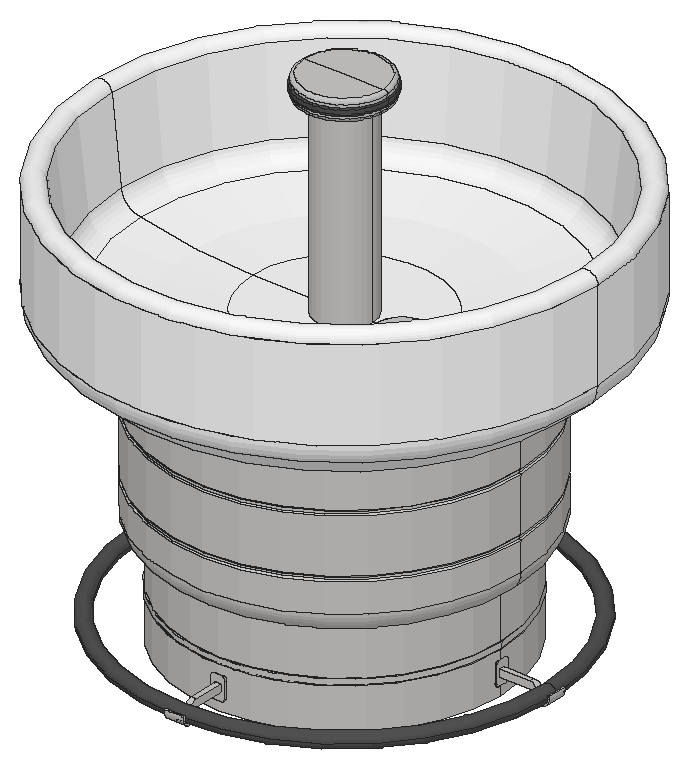
Revit family "Washfountain_Lavatory-Bradley_Corp-WF2605-Type_H_Drain", category Plumbing Fixtures, Revit 2012 (continued)
Lines and regions (in)
  reference lines
    curve 83: line (0, 0, 35.625) -> (0, -4, 35.625)
    curve 92: line (-5.56458, 3.13814, 49.5) -> (-0.06458, -6.38814, 49.5)
    curve 93: line (0.06458, -6.38814, 49.5) -> (5.56458, 3.13814, 49.5)
    curve 94: line (5.5, 3.25, 49.5) -> (-5.5, 3.25, 49.5)
    curve 95: line (-27, 0, 49.5) -> (-19, 0, 49.5)
    curve 128: line (-27, -27, 49.5) -> (-21, -27, 49.5)
    curve 129: line (-27, 27, 49.5) -> (-21, 27, 49.5)
    curve 140: line (0, 0, 49.5) -> (0, -3.5, 49.5)
    curve 156: line (0, 1.5, 39.125) -> (0, -1.75, 39.125)
    curve 157: line (-1.5, 0, 39.125) -> (1.5, 0, 39.125)
    curve 223: line (0, -10.91222, 49.5) -> (0, -15.41222, 49.5)
  symbolic lines, visible <- "Juvenile Height", detail levels fine
    curve 4: line (12.52869, 0, 15.79552) -> (-12.52869, 0, 15.79552)
    curve 5: line (12.4415, 0, 15.70832) -> (-12.4415, 0, 15.70832)
    curve 6: line (12.4415, 0, 15.58502) -> (-12.4415, 0, 15.58502)
    curve 7: line (12.52869, 0, 15.49783) -> (-12.52869, 0, 15.49783)
    curve 8: line (12.52869, 0, 12.49088) -> (-12.52869, 0, 12.49088)
    curve 9: line (12.4415, 0, 12.40369) -> (-12.4415, 0, 12.40369)
    curve 10: line (12.4415, 0, 12.28038) -> (-12.4415, 0, 12.28038)
    curve 11: line (12.52869, 0, 12.19319) -> (-12.52869, 0, 12.19319)
    curve 13: line (11.12583, 0, 6.953) -> (0.48842, 0, 6.953)
    curve 45: line (0, 12.52869, 11.59252) -> (0, -12.52869, 11.59252)
    curve 46: line (0, -12.4415, 11.50532) -> (0, 12.4415, 11.50532)
    curve 47: line (0, 12.4415, 11.38202) -> (0, -12.4415, 11.38202)
    curve 48: line (0, -12.52869, 11.29483) -> (0, 12.52869, 11.29483)
    curve 49: line (0, 12.52869, 8.28788) -> (0, -12.52869, 8.28788)
    curve 50: line (0, -12.4415, 8.20069) -> (0, 12.4415, 8.20069)
    curve 51: line (0, 12.4415, 8.07738) -> (0, -12.4415, 8.07738)
    curve 52: line (0, -12.52869, 7.99019) -> (0, 12.52869, 7.99019)
    curve 200: line (-11.12583, 0, 3.453) -> (11.12583, 0, 3.453)
    curve 201: line (11.16155, 0, 3.40649) -> (-11.16155, 0, 3.40649)
    curve 202: line (11.16155, 0, 2.99964) -> (-11.16155, 0, 2.99964)
    curve 203: line (-11.12583, 0, 2.953) -> (11.12583, 0, 2.953)
    curve 206: line (0, -11.12583, 3.45264) -> (0, 11.12583, 3.45264)
    curve 207: line (0, 11.16155, 3.40613) -> (0, -11.16155, 3.40613)
    curve 208: line (0, -11.16155, 2.99916) -> (0, 11.16155, 2.99916)
    curve 209: line (0, 11.12583, 2.95264) -> (0, -11.12586, 2.95264)
  symbolic lines, visible <- "Juvenile Height"
    curve 12: line (11.12583, 0, 9.39985) -> (-11.12583, 0, 9.39985)
    curve 53: line (0, 11.12583, 5.19685) -> (0, -11.12583, 5.19685)
  symbolic lines, visible <- "Standard Height", detail levels fine
    curve 15: line (12.52869, 0, 14.89269) -> (-12.52869, 0, 14.89269)
    curve 16: line (12.41821, 0, 14.78221) -> (-12.41821, 0, 14.78221)
    curve 17: line (12.41821, 0, 14.62596) -> (-12.41821, 0, 14.62596)
    curve 18: line (12.52869, 0, 14.51547) -> (-12.52869, 0, 14.51547)
    curve 19: line (12.52869, 0, 10.70519) -> (-12.52869, 0, 10.70519)
    curve 20: line (12.41821, 0, 10.59471) -> (-12.41821, 0, 10.59471)
    curve 21: line (12.41821, 0, 10.43846) -> (-12.41821, 0, 10.43846)
    curve 22: line (12.52869, 0, 10.32797) -> (-12.52869, 0, 10.32797)
    curve 24: line (11.12583, 0, 3.45312) -> (-11.12583, 0, 3.45312)
    curve 25: line (11.16155, 0, 3.40661) -> (-11.16155, 0, 3.40661)
    curve 26: line (11.16155, 0, 2.99964) -> (-11.16155, 0, 2.99964)
    curve 27: line (11.12583, 0, 2.95312) -> (-11.12583, 0, 2.95312)
    curve 29: line (0, 11.12583, 2.95312) -> (0, -11.12583, 2.95312)
    curve 30: line (0, -11.16155, 2.99964) -> (0, 11.16155, 2.99964)
    curve 31: line (0, 11.16155, 3.40661) -> (0, -11.16155, 3.40661)
    curve 32: line (0, -11.12583, 3.45312) -> (0, 11.12583, 3.45312)
    curve 34: line (0, -12.52869, 10.32797) -> (0, 12.52869, 10.32797)
    curve 35: line (0, 12.41821, 10.43846) -> (0, -12.41821, 10.43846)
    curve 36: line (0, -12.41821, 10.59471) -> (0, 12.41821, 10.59471)
    curve 37: line (0, 12.52869, 10.70519) -> (0, -12.52869, 10.70519)
    curve 38: line (0, -12.52869, 14.51547) -> (0, 12.52869, 14.51547)
    curve 39: line (0, 12.41821, 14.62596) -> (0, -12.41821, 14.62596)
    curve 40: line (0, -12.41821, 14.78221) -> (0, 12.41821, 14.78221)
    curve 41: line (0, 12.52869, 14.89269) -> (0, -12.52869, 14.89269)
  symbolic lines, visible <- "Standard Height"
    curve 23: line (11.12583, 0, 6.77084) -> (-11.12583, 0, 6.77084)
    curve 33: line (0, 11.12583, 6.77084) -> (0, -11.12583, 6.77084)
  symbolic lines, visible <- "Standard Height", detail levels medium
    curve 42: line (0, 12.41821, 14.70408) -> (0, -12.41821, 14.70408)
    curve 43: line (0, -12.41821, 10.51658) -> (0, 12.41821, 10.51658)
    curve 44: line (0, 11.16155, 3.20312) -> (0, -11.16155, 3.20312)
    curve 58: line (-12.41821, 0, 14.70394) -> (12.41855, 0, 14.70394)
    curve 59: line (12.41855, 0, 10.51644) -> (-12.41821, 0, 10.51644)
    curve 60: line (-11.16155, 0, 3.20312) -> (11.16155, 0, 3.20312)
  symbolic lines, visible <- "Juvenile Height", detail levels medium
    curve 54: line (0, 12.4415, 8.13904) -> (0, -12.4415, 8.13904)
    curve 55: line (0, -12.4415, 11.44367) -> (0, 12.4415, 11.44367)
    curve 56: line (-12.4415, 0, 12.34204) -> (12.4415, 0, 12.34204)
    curve 57: line (12.4415, 0, 15.64667) -> (-12.4415, 0, 15.64667)
    curve 204: line (-11.16155, 0, 3.20306) -> (11.16155, 0, 3.20306)
    curve 210: line (0, -11.16155, 3.20264) -> (0, 11.16155, 3.20264)
  symbolic lines, visible <- "Soap Dispenser", detail levels fine
    curve 62: line (-5.81, 0, 38.73265) -> (5.81, 0, 38.73265)
    curve 63: line (5.87777, 0, 39.98265) -> (-5.87777, 0, 39.98265)
    curve 64: line (-5.93039, 0, 41.23265) -> (5.93039, 0, 41.23265)
    curve 65: line (5.98301, 0, 42.48265) -> (-5.98301, 0, 42.48265)
    curve 67: line (6.13971, 0, 43.74971) -> (-6.13971, 0, 43.74971)
    curve 69: line (0, 5.80997, 38.73265) -> (0, -5.80997, 38.73265)
    curve 70: line (0, -5.87775, 39.98265) -> (0, 5.87775, 39.98265)
    curve 71: line (0, 5.93037, 41.23265) -> (0, -5.93037, 41.23265)
    curve 72: line (0, -5.98298, 42.48265) -> (0, 5.98298, 42.48265)
    curve 74: line (0, -6.13969, 43.74971) -> (0, 6.13969, 43.74971)
  symbolic lines, visible <- "Soap Dispenser", detail levels medium+fine
    curve 66: line (-6.13971, 0, 43.12453) -> (6.13971, 0, 43.12453)
    curve 73: line (0, 6.13969, 43.12453) -> (0, -6.13969, 43.12453)
    curve 170: circle (0, 0, 44.125) r 4.13984 normal (0, 0, 1)
  symbolic lines, detail levels medium
    curve 75: line (-3.12875, 0, 35.17952) -> (-3.035, 0, 35.17952)
    curve 77: line (3.035, 0, 35.17952) -> (3.12875, 0, 35.17952)
    curve 78: line (3.12875, 0, 34.67952) -> (3.035, 0, 34.67952)
    curve 80: line (-3.035, 0, 34.67952) -> (-3.12875, 0, 34.67952)
    curve 84: line (0, 3.12875, 35.17952) -> (0, 3.035, 35.17952)
    curve 86: line (0, -3.035, 35.17952) -> (0, -3.12875, 35.17952)
    curve 87: line (0, -3.12875, 34.67952) -> (0, -3.035, 34.67952)
    curve 89: line (0, 3.035, 34.67952) -> (0, 3.12875, 34.67952)
  symbolic lines, detail levels medium+fine
    curve 76: line (-3.035, 0, 35.17952) -> (3.035, 0, 35.17952)
    curve 79: line (3.035, 0, 34.67952) -> (-3.035, 0, 34.67952)
    curve 85: line (0, 3.035, 35.17952) -> (0, -3.035, 35.17952)
    curve 88: line (0, -3.035, 34.67952) -> (0, 3.035, 34.67952)
    curve 171: circle (0, 0, 35.625) r 2.785 normal (0, 0, 1)
    curve 172: circle (0, 0, 35.625) r 3.035 normal (0, 0, 1)
    curve 174: circle (0, 0, 29.25) r 14 normal (0, 0, 1)
    curve 213: circle (4, 0, 29.25) r 1.25 normal (0, 0, 1)
    curve 214: circle (4, 0, 29.25) r 0.1842 normal (0, 0, 1)
    curve 215: circle (4, 0.87771, 29.25) r 0.1842 normal (0, 0, 1)
    curve 216: circle (4.62063, 0.62063, 29.25) r 0.1842 normal (0, 0, 1)
    curve 217: circle (4.87771, 0, 29.25) r 0.1842 normal (0, 0, 1)
    curve 218: circle (4.62063, -0.62063, 29.25) r 0.1842 normal (0, 0, 1)
    curve 219: circle (4, -0.87771, 29.25) r 0.1842 normal (0, 0, 1)
    curve 220: circle (3.37937, -0.62063, 29.25) r 0.1842 normal (0, 0, 1)
    curve 221: circle (3.12229, 0, 29.25) r 0.1842 normal (0, 0, 1)
    curve 222: circle (3.37937, 0.62063, 29.25) r 0.1842 normal (0, 0, 1)
  symbolic lines
    curve 81: line (-2, 0, 34.23452) -> (2, 0, 34.23452)
    curve 90: line (0, 2, 34.23452) -> (0, -2, 34.23452)
    curve 173: circle (0, 0, 29.25) r 16 normal (0, 0, 1)
    curve 212: circle (4, 0, 29.25) r 1.75 normal (0, 0, 1)
  symbolic lines, visible <- "Soap Dispenser"
    curve 82: line (-2.095, 0, 38.125) -> (2.095, 0, 38.125)
    curve 91: line (0, 2.095, 38.125) -> (0, -2.095, 38.125)
  symbolic lines, visible <- "Towel Dispenser"
    curve 96: line (-0.06458, -27, 64.81283) -> (-0.06458, -27, 49.5)
    curve 97: line (0.06458, -27, 64.81283) -> (0.06458, -27, 49.5)
    curve 98: line (-9.02868, -27, 64.12533) -> (-3.52868, -27, 64.12533)
    curve 99: line (-0.06458, -27, 64.81283) -> (-3.52868, -27, 64.12533)
    curve 100: line (3.52868, -27, 64.12533) -> (0.06458, -27, 64.81283)
    curve 101: line (3.52868, -27, 64.12533) -> (9.02868, -27, 64.12533)
    curve 102: line (3.52868, -27, 50.875) -> (3.52868, -27, 64.12533)
    curve 103: line (-3.52868, -27, 64.12533) -> (-3.52868, -27, 50.875)
    curve 104: line (-3.52868, -27, 50.875) -> (-9.02868, -27, 50.875)
    curve 105: line (9.02868, -27, 50.875) -> (3.52868, -27, 50.875)
    curve 106: line (-3.52868, -27, 50.875) -> (-1.58013, -27, 49.5)
    curve 107: line (1.58013, -27, 49.5) -> (3.52868, -27, 50.875)
    curve 108: line (-2, -27, 49.5) -> (2, -27, 49.5)
    curve 109: line (-2, -27, 64.81283) -> (2, -27, 64.81283)
    curve 130: line (-5.56458, 27, 64.83333) -> (-5.56458, 27, 49.5)
    curve 131: line (5.56458, 27, 49.5) -> (5.56458, 27, 64.81283)
    curve 132: line (5.56458, 27, 64.12533) -> (-5.56458, 27, 64.12533)
    curve 133: line (-5.56458, 27, 50.875) -> (5.56458, 27, 50.875)
    curve 143: line (0, 2.26314, 49.5) -> (0, 1.13814, 50.875)
    curve 144: line (0, -8.38814, 50.875) -> (0, 1.13814, 50.875)
    curve 145: line (0, 1.13814, 50.875) -> (0, 1.13814, 64.12533)
    curve 146: line (0, 1.13814, 64.12533) -> (0, -8.38814, 64.12533)
    curve 147: line (0, 1.13814, 64.12533) -> (0, 3.13814, 64.81283)
    curve 148: line (0, 3.13814, 64.81283) -> (0, 3.13814, 49.5)
    curve 149: line (0, 3.25, 49.5) -> (0, 3.25, 64.81283)
    curve 154: line (0, 2, 64.81283) -> (0, -2, 64.81283)
    curve 155: line (0, 2, 49.5) -> (0, -2, 49.5)
    curve 164: line (-0.06458, -6.38814, 49.5) -> (-5.56458, 3.13814, 49.5)
    curve 165: line (-5.5, 3.25, 49.5) -> (5.5, 3.25, 49.5)
    curve 166: line (5.56458, 3.13814, 49.5) -> (0.06458, -6.38814, 49.5)
  model lines, visible <- "Towel Dispenser", detail levels fine
    curve 110: spline (3.52868, -8.38814, 50.875) -> (3.62239, -8.22584, 53.91612) -> (3.89711, -7.75, 56.75) -> (4.33414, -6.99305, 59.1835) -> (4.90368, -6.00657, 61.0508) -> (5.56693, -4.85779, 62.22463) -> (6.27868, -3.625, 62.625) -> (6.99044, -2.39221, 62.22463) -> (7.65368, -1.24343, 61.0508) -> (8.22323, -0.25695, 59.1835) -> (8.66025, 0.5, 56.75) -> (8.93498, 0.97584, 53.91612) -> (9.02868, 1.13814, 50.875)
    curve 111: spline (4.5072, -6.6933, 53.47656) -> (4.52666, -6.65959, 53.51064) -> (4.5448, -6.62818, 53.61054) -> (4.56037, -6.60121, 53.76946) -> (4.57232, -6.58051, 53.97656) -> (4.57983, -6.5675, 54.21774) -> (4.5824, -6.56306, 54.47656) -> (4.57983, -6.5675, 54.73538) -> (4.57232, -6.58051, 54.97656) -> (4.56037, -6.60121, 55.18367) -> (4.5448, -6.62818, 55.34259) -> (4.52666, -6.65959, 55.44249) -> (4.5072, -6.6933, 55.47656) -> (4.48774, -6.72701, 55.44249) -> (4.4696, -6.75842, 55.34259) -> (4.45403, -6.7854, 55.18367) -> (4.44208, -6.80609, 54.97656) -> (4.43457, -6.81911, 54.73538) -> (4.432, -6.82354, 54.47656) -> (4.43457, -6.81911, 54.21774) -> (4.44208, -6.80609, 53.97656) -> (4.45403, -6.7854, 53.76946) -> (4.4696, -6.75842, 53.61054) -> (4.48774, -6.72701, 53.51064) -> (4.5072, -6.6933, 53.47656)
    curve 112: spline (5.5, 7.25, 50.875) -> (5.31259, 7.25, 53.91612) -> (4.76314, 7.25, 56.75) -> (3.88909, 7.25, 59.1835) -> (2.75, 7.25, 61.0508) -> (1.4235, 7.25, 62.22463) -> (0, 7.25, 62.625) -> (-1.4235, 7.25, 62.22463) -> (-2.75, 7.25, 61.0508) -> (-3.88909, 7.25, 59.1835) -> (-4.76314, 7.25, 56.75) -> (-5.31259, 7.25, 53.91612) -> (-5.5, 7.25, 50.875)
    curve 113: spline (3.54297, 7.25, 53.47656) -> (3.50354, 7.25, 53.51064) -> (3.4668, 7.25, 53.61054) -> (3.43525, 7.25, 53.76946) -> (3.41104, 7.25, 53.97656) -> (3.39582, 7.25, 54.21774) -> (3.39062, 7.25, 54.47656) -> (3.39582, 7.25, 54.73538) -> (3.41104, 7.25, 54.97656) -> (3.43525, 7.25, 55.18367) -> (3.4668, 7.25, 55.34259) -> (3.50354, 7.25, 55.44249) -> (3.54297, 7.25, 55.47656) -> (3.5824, 7.25, 55.44249) -> (3.61914, 7.25, 55.34259) -> (3.65069, 7.25, 55.18367) -> (3.6749, 7.25, 54.97656) -> (3.69012, 7.25, 54.73538) -> (3.69531, 7.25, 54.47656) -> (3.69012, 7.25, 54.21774) -> (3.6749, 7.25, 53.97656) -> (3.65069, 7.25, 53.76946) -> (3.61914, 7.25, 53.61054) -> (3.5824, 7.25, 53.51064) -> (3.54297, 7.25, 53.47656)
    curve 114: spline (-9.02868, 1.13814, 50.875) -> (-8.93498, 0.97584, 53.91612) -> (-8.66025, 0.5, 56.75) -> (-8.22323, -0.25695, 59.1835) -> (-7.65368, -1.24343, 61.0508) -> (-6.99044, -2.39221, 62.22463) -> (-6.27868, -3.625, 62.625) -> (-5.56693, -4.85779, 62.22463) -> (-4.90368, -6.00657, 61.0508) -> (-4.33414, -6.99305, 59.1835) -> (-3.89711, -7.75, 56.75) -> (-3.62239, -8.22584, 53.91612) -> (-3.52868, -8.38814, 50.875)
    curve 115: spline (-8.05017, -0.5567, 53.47656) -> (-8.03045, -0.59085, 53.51064) -> (-8.01208, -0.62267, 53.61054) -> (-7.99631, -0.64999, 53.76946) -> (-7.9842, -0.67096, 53.97656) -> (-7.97659, -0.68414, 54.21774) -> (-7.974, -0.68863, 54.47656) -> (-7.97659, -0.68414, 54.73538) -> (-7.9842, -0.67096, 54.97656) -> (-7.99631, -0.64999, 55.18367) -> (-8.01208, -0.62267, 55.34259) -> (-8.03045, -0.59085, 55.44249) -> (-8.05017, -0.5567, 55.47656) -> (-8.06988, -0.52255, 55.44249) -> (-8.08825, -0.49073, 55.34259) -> (-8.10403, -0.46341, 55.18367) -> (-8.11614, -0.44244, 54.97656) -> (-8.12374, -0.42926, 54.73538) -> (-8.12634, -0.42477, 54.47656) -> (-8.12374, -0.42926, 54.21774) -> (-8.11614, -0.44244, 53.97656) -> (-8.10403, -0.46341, 53.76946) -> (-8.08825, -0.49073, 53.61054) -> (-8.06988, -0.52255, 53.51064) -> (-8.05017, -0.5567, 53.47656)
  symbolic lines, visible <- "Towel Dispenser", detail levels fine
    curve 116: spline (-9.02868, -27, 50.875) -> (-8.93498, -27, 53.91612) -> (-8.66025, -27, 56.75) -> (-8.22323, -27, 59.1835) -> (-7.65368, -27, 61.0508) -> (-6.99044, -27, 62.22463) -> (-6.27868, -27, 62.625) -> (-5.56693, -27, 62.22463) -> (-4.90368, -27, 61.0508) -> (-4.33414, -27, 59.1835) -> (-3.89711, -27, 56.75) -> (-3.62239, -27, 53.91612) -> (-3.52868, -27, 50.875)
    curve 117: spline (3.52868, -27, 50.875) -> (3.62239, -27, 53.91612) -> (3.89711, -27, 56.75) -> (4.33414, -27, 59.1835) -> (4.90368, -27, 61.0508) -> (5.56693, -27, 62.22463) -> (6.27868, -27, 62.625) -> (6.99044, -27, 62.22463) -> (7.65368, -27, 61.0508) -> (8.22323, -27, 59.1835) -> (8.66025, -27, 56.75) -> (8.93498, -27, 53.91612) -> (9.02868, -27, 50.875)
    curve 118: spline (-8.05017, -27, 53.47656) -> (-8.03045, -27, 53.51064) -> (-8.01208, -27, 53.61054) -> (-7.99631, -27, 53.76946) -> (-7.9842, -27, 53.97656) -> (-7.97659, -27, 54.21774) -> (-7.974, -27, 54.47656) -> (-7.97659, -27, 54.73538) -> (-7.9842, -27, 54.97656) -> (-7.99631, -27, 55.18367) -> (-8.01208, -27, 55.34259) -> (-8.03045, -27, 55.44249) -> (-8.05017, -27, 55.47656) -> (-8.06988, -27, 55.44249) -> (-8.08825, -27, 55.34259) -> (-8.10403, -27, 55.18367) -> (-8.11614, -27, 54.97656) -> (-8.12374, -27, 54.73538) -> (-8.12634, -27, 54.47656) -> (-8.12374, -27, 54.21774) -> (-8.11614, -27, 53.97656) -> (-8.10403, -27, 53.76946) -> (-8.08825, -27, 53.61054) -> (-8.06988, -27, 53.51064) -> (-8.05017, -27, 53.47656)
    curve 119: spline (4.5072, -27, 53.47656) -> (4.52666, -27, 53.51064) -> (4.5448, -27, 53.61054) -> (4.56037, -27, 53.76946) -> (4.57232, -27, 53.97656) -> (4.57983, -27, 54.21774) -> (4.5824, -27, 54.47656) -> (4.57983, -27, 54.73538) -> (4.57232, -27, 54.97656) -> (4.56037, -27, 55.18367) -> (4.5448, -27, 55.34259) -> (4.52666, -27, 55.44249) -> (4.5072, -27, 55.47656) -> (4.48774, -27, 55.44249) -> (4.4696, -27, 55.34259) -> (4.45403, -27, 55.18367) -> (4.44208, -27, 54.97656) -> (4.43457, -27, 54.73538) -> (4.432, -27, 54.47656) -> (4.43457, -27, 54.21774) -> (4.44208, -27, 53.97656) -> (4.45403, -27, 53.76946) -> (4.4696, -27, 53.61054) -> (4.48774, -27, 53.51064) -> (4.5072, -27, 53.47656)
    curve 134: spline (5.56458, 27, 50.875) -> (5.37497, 27, 53.91612) -> (4.81907, 27, 56.75) -> (3.93475, 27, 59.1835) -> (2.78229, 27, 61.0508) -> (1.44022, 27, 62.22463) -> (0, 27, 62.625) -> (-1.44022, 27, 62.22463) -> (-2.78229, 27, 61.0508) -> (-3.93475, 27, 59.1835) -> (-4.81907, 27, 56.75) -> (-5.37497, 27, 53.91612) -> (-5.56458, 27, 50.875)
    curve 139: spline (3.54297, 27, 53.47656) -> (3.50354, 27, 53.51064) -> (3.4668, 27, 53.61054) -> (3.43525, 27, 53.76946) -> (3.41104, 27, 53.97656) -> (3.39582, 27, 54.21774) -> (3.39062, 27, 54.47656) -> (3.39582, 27, 54.73538) -> (3.41104, 27, 54.97656) -> (3.43525, 27, 55.18367) -> (3.4668, 27, 55.34259) -> (3.50354, 27, 55.44249) -> (3.54297, 27, 55.47656) -> (3.5824, 27, 55.44249) -> (3.61914, 27, 55.34259) -> (3.65069, 27, 55.18367) -> (3.6749, 27, 54.97656) -> (3.69012, 27, 54.73538) -> (3.69531, 27, 54.47656) -> (3.69012, 27, 54.21774) -> (3.6749, 27, 53.97656) -> (3.65069, 27, 53.76946) -> (3.61914, 27, 53.61054) -> (3.5824, 27, 53.51064) -> (3.54297, 27, 53.47656)
    curve 141: spline (0, 1.13814, 50.875) -> (0, 0.97584, 53.91612) -> (0, 0.5, 56.75) -> (0, -0.25695, 59.1835) -> (0, -1.24343, 61.0508) -> (0, -2.39221, 62.22463) -> (0, -3.625, 62.625) -> (0, -4.85779, 62.22463) -> (0, -6.00657, 61.0508) -> (0, -6.99305, 59.1835) -> (0, -7.75, 56.75) -> (0, -8.22584, 53.91612) -> (0, -8.38814, 50.875)
    curve 142: spline (0, -0.5567, 53.47656) -> (0, -0.59085, 53.51064) -> (0, -0.62267, 53.61054) -> (0, -0.64999, 53.76946) -> (0, -0.67096, 53.97656) -> (0, -0.68414, 54.21774) -> (0, -0.68863, 54.47656) -> (0, -0.68414, 54.73538) -> (0, -0.67096, 54.97656) -> (0, -0.64999, 55.18367) -> (0, -0.62267, 55.34259) -> (0, -0.59085, 55.44249) -> (0, -0.5567, 55.47656) -> (0, -0.52255, 55.44249) -> (0, -0.49073, 55.34259) -> (0, -0.46341, 55.18367) -> (0, -0.44244, 54.97656) -> (0, -0.42926, 54.73538) -> (0, -0.42477, 54.47656) -> (0, -0.42926, 54.21774) -> (0, -0.44244, 53.97656) -> (0, -0.46341, 53.76946) -> (0, -0.49073, 53.61054) -> (0, -0.52255, 53.51064) -> (0, -0.5567, 53.47656)
  symbolic lines, visible <- "Towel Dispenser", detail levels medium+fine
    curve 120: line (-7.85863, -27, 50.57859) -> (-3.85863, -27, 50.57859)
    curve 121: spline (-3.85863, -27, 50.57859) -> (-3.74269, -27, 50.56526) -> (-3.59688, -27, 50.52619) -> (-3.43114, -27, 50.46404) -> (-3.25676, -27, 50.38304) -> (-3.08563, -27, 50.28872) -> (-2.92941, -27, 50.1875) -> (-2.79874, -27, 50.08628) -> (-2.70253, -27, 49.99196) -> (-2.64735, -27, 49.91096) -> (-2.63693, -27, 49.84881) -> (-2.67201, -27, 49.80974) -> (-2.75018, -27, 49.79641)
    curve 122: line (-2.75018, -27, 49.79641) -> (-6.75018, -27, 49.79641)
    curve 123: spline (-6.75018, -27, 49.79641) -> (-6.86612, -27, 49.80974) -> (-7.01193, -27, 49.84881) -> (-7.17768, -27, 49.91096) -> (-7.35205, -27, 49.99196) -> (-7.52318, -27, 50.08628) -> (-7.67941, -27, 50.1875) -> (-7.81007, -27, 50.28872) -> (-7.90628, -27, 50.38304) -> (-7.96147, -27, 50.46404) -> (-7.97188, -27, 50.52619) -> (-7.9368, -27, 50.56526) -> (-7.85863, -27, 50.57859)
    curve 124: line (3.85863, -27, 50.57859) -> (7.85863, -27, 50.57859)
    curve 125: spline (7.85863, -27, 50.57859) -> (7.9368, -27, 50.56526) -> (7.97188, -27, 50.52619) -> (7.96147, -27, 50.46404) -> (7.90628, -27, 50.38304) -> (7.81007, -27, 50.28872) -> (7.67941, -27, 50.1875) -> (7.52318, -27, 50.08628) -> (7.35205, -27, 49.99196) -> (7.17768, -27, 49.91096) -> (7.01193, -27, 49.84881) -> (6.86612, -27, 49.80974) -> (6.75018, -27, 49.79641)
    curve 126: line (6.75018, -27, 49.79641) -> (2.75018, -27, 49.79641)
    curve 127: spline (2.75018, -27, 49.79641) -> (2.67201, -27, 49.80974) -> (2.63693, -27, 49.84881) -> (2.64735, -27, 49.91096) -> (2.70253, -27, 49.99196) -> (2.79874, -27, 50.08628) -> (2.92941, -27, 50.1875) -> (3.08563, -27, 50.28872) -> (3.25676, -27, 50.38304) -> (3.43114, -27, 50.46404) -> (3.59688, -27, 50.52619) -> (3.74269, -27, 50.56526) -> (3.85863, -27, 50.57859)
    curve 135: line (4, 27, 50.57859) -> (-4, 27, 50.57859)
    curve 136: spline (-4, 27, 50.57859) -> (-4.19411, 27, 50.56526) -> (-4.375, 27, 50.52619) -> (-4.53033, 27, 50.46404) -> (-4.64952, 27, 50.38304) -> (-4.72444, 27, 50.28872) -> (-4.75, 27, 50.1875) -> (-4.72444, 27, 50.08628) -> (-4.64952, 27, 49.99196) -> (-4.53033, 27, 49.91096) -> (-4.375, 27, 49.84881) -> (-4.19411, 27, 49.80974) -> (-4, 27, 49.79641)
    curve 137: line (-4, 27, 49.79641) -> (4, 27, 49.79641)
    curve 138: spline (4, 27, 49.79641) -> (4.19411, 27, 49.80974) -> (4.375, 27, 49.84881) -> (4.53033, 27, 49.91096) -> (4.64952, 27, 49.99196) -> (4.72444, 27, 50.08628) -> (4.75, 27, 50.1875) -> (4.72444, 27, 50.28872) -> (4.64952, 27, 50.38304) -> (4.53033, 27, 50.46404) -> (4.375, 27, 50.52619) -> (4.19411, 27, 50.56526) -> (4, 27, 50.57859)
    curve 150: line (0, -6.84658, 50.57859) -> (0, 0.08162, 50.57859)
    curve 151: spline (0, 0.08162, 50.57859) -> (0, 0.26063, 50.56526) -> (0, 0.44925, 50.52619) -> (0, 0.63462, 50.46404) -> (0, 0.80411, 50.38304) -> (0, 0.94617, 50.28872) -> (0, 1.05112, 50.1875) -> (0, 1.11181, 50.08628) -> (0, 1.12409, 49.99196) -> (0, 1.08714, 49.91096) -> (0, 1.00347, 49.84881) -> (0, 0.87879, 49.80974) -> (0, 0.72158, 49.79641)
    curve 152: line (0, 0.72158, 49.79641) -> (0, -6.20662, 49.79641)
    curve 153: spline (0, -6.20662, 49.79641) -> (0, -6.38563, 49.80974) -> (0, -6.57425, 49.84881) -> (0, -6.75962, 49.91096) -> (0, -6.92911, 49.99196) -> (0, -7.07117, 50.08628) -> (0, -7.17612, 50.1875) -> (0, -7.23681, 50.28872) -> (0, -7.24909, 50.38304) -> (0, -7.21214, 50.46404) -> (0, -7.12847, 50.52619) -> (0, -7.00379, 50.56526) -> (0, -6.84658, 50.57859)
    curve 167: line (-5.5, 5, 49.5) -> (5.5, 5, 49.5)
    curve 168: line (-1.58013, -7.26314, 49.5) -> (-7.08013, 2.26314, 49.5)
    curve 169: line (7.08013, 2.26314, 49.5) -> (1.58013, -7.26314, 49.5)
  symbolic lines, visible <- "Sensor Module", detail levels medium
    curve 158: line (0, 4.57537, 37.11012) -> (0, -4.57537, 37.11012)
    curve 161: line (4.57537, 0, 37.11012) -> (-4.57537, 0, 37.11012)
  symbolic lines, visible <- "Sensor Module", detail levels fine
    curve 159: line (0, 4.49987, 38.55959) -> (0, -4.49987, 38.55959)
    curve 160: line (-4.49987, 0, 38.55959) -> (4.49987, 0, 38.55959)
  symbolic lines, visible <- "Sensor Module"
    curve 162: line (-2, 0, 36.28462) -> (2, 0, 36.28462)
    curve 163: line (0, 2, 36.28462) -> (0, -2, 36.28462)
  model lines, not visible
    curve 175: circle (0, 0, 0) r 14.513 normal (0, 0, 1)
  sketch lines
    curve 176: circle (0, 0, 0) r 14.513 normal (0, 0, 1)
  symbolic lines, visible <- "Foot Control Valve", detail levels fine
    curve 177: arc (-14.513, 0, 0.925) -> (-14.90955, 0, 1.12046) -> (-14.99607, 0, 1.55401) r 0.5
    curve 178: line (-13.81522, 0, 0.925) -> (-14.513, 0, 0.925)
    curve 179: line (-0.50316, 0, 1.925) -> (0.50316, 0, 1.925)
    curve 180: line (-0.46318, 0, 0.825) -> (0.46318, 0, 0.825)
    curve 181: line (-0.67078, 0, 0.925) -> (-0.67078, 0, 1.61691)
    curve 182: line (-0.67078, 0, 1.61691) -> (0.67078, 0, 1.61691)
    curve 183: line (0.67078, 0, 1.61691) -> (0.67078, 0, 0.925)
    curve 184: arc (0, 14.513, 0.825) -> (0, 14.04562, 1.04876) -> (0, 13.92685, 1.55315) r 0.6
    curve 185: arc (0, 13.92685, 1.55315) -> (0, 13.98637, 1.59132) -> (0, 14.02454, 1.53179) r 0.05
    curve 186: arc (0, 14.513, 1.925) -> (0, 14.20846, 1.02845) -> (0, 14.99607, 1.55401) r 0.5
    curve 187: line (0, 13.81522, 0.925) -> (0, 14.18134, 0.925)
    curve 188: arc (0, -14.513, 0.825) -> (0, -14.04562, 1.04876) -> (0, -13.92685, 1.55315) r 0.6
    curve 189: arc (0, -13.92685, 1.55315) -> (0, -13.98637, 1.59132) -> (0, -14.02454, 1.53179) r 0.05
    curve 190: arc (0, -14.513, 1.925) -> (0, -14.20846, 1.02845) -> (0, -14.99607, 1.55401) r 0.5
    curve 191: line (0, -13.81522, 0.925) -> (0, -14.18134, 0.925)
    curve 192: line (0, 0.67078, 0.925) -> (0, 0.67078, 1.61691)
    curve 193: line (0, 0.67078, 1.61691) -> (0, -0.67078, 1.61691)
    curve 194: line (0, -0.67078, 1.61691) -> (0, -0.67078, 0.925)
    curve 195: line (0, 0.50316, 1.925) -> (0, -0.50316, 1.925)
    curve 196: line (0, 0.46318, 0.825) -> (0, -0.46318, 0.825)
    curve 197: arc (14.513, 0, 0.925) -> (14.90955, 0, 1.12046) -> (14.99607, 0, 1.55401) r 0.5
    curve 198: line (13.81522, 0, 0.925) -> (14.513, 0, 0.925)
    curve 199: arc (14.513, 0, 0.825) -> (14.33979, 0, 0.85054) -> (14.18134, 0, 0.925) r 0.6
    curve 205: arc (-14.513, 0, 0.825) -> (-14.33979, 0, 0.85054) -> (-14.18134, 0, 0.925) r 0.6
  model lines, detail levels medium+fine
    curve 211: circle (4, 0, 20.59297) r 1.25 normal (0, 0, 1)
Dimensions and locks (in)
  "Towel Dispenser Height": plane 4 "Towel Dispenser" to plane 2
  "Soap Dispenser Height": plane 5 "Soap Dispenser" to plane 2
  "Spray Head Height": plane 6 "Spray Head" to plane 2
  "Rim Height": plane 7 "Rim Height" to plane 2
  "Pedestal Height": plane 8 "Pedestal Height" to plane 2
  locked: plane 5 "Soap Dispenser" to Masking region 10 sketch curve at 6
  locked: curve 93 to Extrusion 9 sketch curve at 15.31283
  locked: curve 93 to Extrusion 9 sketch curve at 15.16247
  locked: curve 93 to Extrusion 9 sketch curve at 4
  locked: curve 92 to Extrusion 8 sketch curve at 15.31283
  locked: curve 92 to Extrusion 8 sketch curve at 15.16247
  locked: Extrusion 8 sketch curve to curve 92 at 4
  locked: curve 94 to Extrusion 7 sketch curve at 15.31283
  locked: curve 94 to Extrusion 7 sketch curve at 15.16247
  locked: curve 94 to Extrusion 7 sketch curve at 4
  locked: Extrusion 6 to Extrusion 8 at 1
  "Towel Dispenser Holder": plane 4 "Towel Dispenser" to Masking region 18
  "Towel Dispenser Holder": plane 4 "Towel Dispenser" to Masking region 19
  locked: plane 6 "Spray Head" to Revolve 4 sketch curve at 1.39048
  locked: plane 6 "Spray Head" to Revolve 13 sketch curve at 1.39048
  locked: plane 5 "Soap Dispenser" to Revolve 5 sketch curve at 6
  locked: plane 5 "Soap Dispenser" to Masking region 11 sketch curve at 6
  "Sensor Module Height": plane 9 "Sensor Module" to plane 2
  locked: plane 9 "Sensor Module" to Revolve 15 sketch curve at 2.84038
  locked: plane 9 "Sensor Module" to Revolve 14 sketch curve at 2.84038
  locked: plane 9 "Sensor Module" to Masking region 21 sketch curve at 2.84038  (x2)
  locked: plane 9 "Sensor Module" to Masking region 22 sketch curve at 2.84038  (x2)
  locked: plane 5 "Soap Dispenser" to Masking region 13 sketch curve at 6
  locked: plane 5 "Soap Dispenser" to Masking region 14 sketch curve at 6
  locked: plane 9 "Sensor Module" to Masking region 23 sketch curve at 2.84038  (x2)
  locked: plane 9 "Sensor Module" to Masking region 24 sketch curve at 2.84038  (x2)
  "Towel Dispenser Holder": plane 4 "Towel Dispenser" to Extrusion 6
  locked: plane 5 "Soap Dispenser" to plane 10 at 6
  "Soap Dispenser Holder": plane 10 to Masking region 25
  "Soap Dispenser Holder": plane 10 to Extrusion 16
  "Soap Dispenser Holder": Masking region 26 to plane 10
  equal spacing: plane 14, plane 1 "Center (Front/Back)", plane 13
  "Width": plane 14 to plane 13
  equal spacing: plane 11, plane 3 "Center (Left/Right)", plane 12
  "Width": plane 11 to plane 12
  Extrusion 36 sketch curve to plane 3 "Center (Left/Right)" to Extrusion 36 sketch curve = 7.625", 7.625"
  plane 1 "Center (Front/Back)" to Extrusion 36 sketch curve = 2.500"  (x2)
  locked: Extrusion 36 to plane 2 at 2.5
  "Vent Height": Extrusion 37 to plane 2
  locked: Extrusion 38 sketch curve to plane 3 "Center (Left/Right)" at 4
  locked: Extrusion 38 to plane 2 at 2.99998
  locked: plane 5 "Soap Dispenser" to Revolve 12 sketch curve at 1.00047
  locked: plane 5 "Soap Dispenser" to Revolve 39 sketch curve at 1.00047
  locked: Extrusion 9 sketch curve to Extrusion 9 sketch curve at 1.375
  locked: Extrusion 8 sketch curve to Extrusion 8 sketch curve at 1.375
  locked: Extrusion 7 sketch curve to Extrusion 7 sketch curve at 1.375
  locked: Masking region 19 sketch curve to plane 4 "Towel Dispenser" at 15.31283
  Masking region 19 sketch curve to Masking region 19 sketch curve to plane 4 "Towel Dispenser" = 0.6875" locked, 14.62533" locked
  Masking region 18 sketch curve to Masking region 18 sketch curve to Masking region 18 sketch curve to plane 4 "Towel Dispenser" = 0.6875" locked, 13.25033" locked, 1.375" locked  (x2)
  locked: Masking region 18 sketch curve to plane 4 "Towel Dispenser" at 16.31283
  locked: plane 9 "Sensor Module" to Extrusion 40 sketch curve at 1.3649
  locked: plane 9 "Sensor Module" to Extrusion 41 sketch curve at 1.3649
  locked: plane 9 "Sensor Module" to Extrusion 42 sketch curve at 1.3649
  locked: plane 9 "Sensor Module" to Extrusion 43 sketch curve at 1.3649
  "Hot Lavatory Inlet Radius": radius of Extrusion 36 sketch curve
  "Cold Lavatory Inlet Radius": radius of Extrusion 36 sketch curve
  "Vent Radius": radius of Extrusion 37 sketch curve
  "Drain Radius": radius of Extrusion 38 sketch curve
  aligned and locked: plane 7 "Rim Height" to curve 1
  aligned and locked: curve 2 to plane 5 "Soap Dispenser"
  aligned and locked: plane 3 "Center (Left/Right)" to Revolve 1 sketch curve
  aligned and locked: Revolve 2 sketch curve to plane 3 "Center (Left/Right)"
  aligned and locked: Revolve 3 sketch curve to plane 3 "Center (Left/Right)"
  aligned and locked: curve 3 to plane 6 "Spray Head"
  aligned and locked: Revolve 4 sketch curve to plane 3 "Center (Left/Right)"
  aligned and locked: Revolve 5 sketch curve to plane 3 "Center (Left/Right)"
  aligned and locked: Revolve 10 sketch curve to plane 3 "Center (Left/Right)"
  aligned and locked: curve 8 to Revolve 1
  aligned and locked: curve 9 to Revolve 1
  aligned and locked: curve 10 to Revolve 1
  aligned and locked: curve 11 to Revolve 1
  aligned and locked: Revolve 1 to curve 4
  aligned and locked: Revolve 1 to curve 5
  aligned and locked: Revolve 1 to curve 6
  aligned and locked: Revolve 1 to curve 7
  aligned and locked: curve 12 to Revolve 1
  aligned and locked: curve 13 to Revolve 1
  aligned and locked: Revolve 11 sketch curve to plane 3 "Center (Left/Right)"
  aligned and locked: Revolve 12 sketch curve to plane 3 "Center (Left/Right)"
  aligned and locked: Masking region 10 sketch curve to plane 5 "Soap Dispenser"
  aligned and locked: Revolve 13 sketch curve to plane 3 "Center (Left/Right)"
  aligned and locked: Masking region 15 to plane 7 "Rim Height"
  aligned and locked: plane 7 "Rim Height" to Masking region 16
  aligned and locked: Masking region 17 to plane 7 "Rim Height"
  aligned and locked: plane 7 "Rim Height" to Masking region 20 sketch curve
  aligned and locked: Revolve 4 sketch curve to plane 8 "Pedestal Height"
  aligned and locked: Revolve 13 sketch curve to plane 8 "Pedestal Height"
  aligned and locked: Revolve 14 sketch curve to plane 3 "Center (Left/Right)"
  aligned and locked: Revolve 15 sketch curve to plane 3 "Center (Left/Right)"
  aligned and locked: Revolve 14 sketch curve to plane 6 "Spray Head"
  aligned and locked: Revolve 15 sketch curve to plane 6 "Spray Head"
  aligned and locked: Masking region 22 sketch curve to plane 6 "Spray Head"
  aligned and locked: Masking region 21 sketch curve to plane 6 "Spray Head"
  aligned and locked: plane 10 to Masking region 25 sketch curve
  aligned and locked: Extrusion 16 to plane 10
  aligned and locked: plane 10 to Masking region 26 sketch curve
  aligned and locked: Masking region 24 sketch curve to plane 6 "Spray Head"
  aligned and locked: Masking region 23 sketch curve to plane 6 "Spray Head"
  aligned and locked: Revolve 17 sketch curve to plane 3 "Center (Left/Right)"
  aligned and locked: Extrusion 34 to plane 8 "Pedestal Height"
  aligned and locked: plane 7 "Rim Height" to Extrusion 34
  aligned and locked: curve 223 to plane 4 "Towel Dispenser"
  aligned and locked: Extrusion 36 to plane 2
  aligned and locked: plane 3 "Center (Left/Right)" to Extrusion 37 sketch curve
  aligned and locked: plane 1 "Center (Front/Back)" to Extrusion 37 sketch curve
  aligned and locked: Extrusion 37 to plane 2
  aligned and locked: plane 1 "Center (Front/Back)" to Extrusion 38 sketch curve
  aligned and locked: Extrusion 38 to plane 2
  aligned and locked: Revolve 10 sketch curve to plane 8 "Pedestal Height"
  aligned and locked: Revolve 2 sketch curve to plane 8 "Pedestal Height"
  aligned and locked: Revolve 12 sketch curve to plane 10
  aligned and locked: Revolve 39 sketch curve to plane 3 "Center (Left/Right)"
  aligned and locked: Revolve 39 sketch curve to plane 5 "Soap Dispenser"
  aligned and locked: Masking region 24 sketch curve to plane 9 "Sensor Module"
  aligned and locked: Masking region 2 sketch curve to plane 8 "Pedestal Height"
  aligned and locked: Masking region 1 sketch curve to plane 8 "Pedestal Height"
  aligned and locked: plane 8 "Pedestal Height" to Masking region 8 sketch curve
  aligned and locked: plane 3 "Center (Left/Right)" to Extrusion 40 sketch curve
  aligned and locked: plane 3 "Center (Left/Right)" to Extrusion 41 sketch curve
  aligned and locked: plane 3 "Center (Left/Right)" to Extrusion 42 sketch curve
  aligned and locked: plane 3 "Center (Left/Right)" to Extrusion 43 sketch curve
  aligned and locked: Extrusion 41 to Masking region 24
  aligned and locked: Extrusion 40 to Masking region 24
  aligned and locked: Masking region 24 to Extrusion 43
  aligned and locked: Extrusion 43 to Masking region 23
  aligned and locked: Extrusion 42 to Masking region 23
  aligned and locked: Masking region 24 to Extrusion 42
  aligned and locked: Extrusion 41 to Masking region 38 sketch curve
  aligned and locked: Masking region 38 sketch curve to Extrusion 41
  aligned and locked: Masking region 38 sketch curve to Extrusion 40  (x2)
  aligned and locked: Masking region 39 to Extrusion 41
  aligned and locked: Masking region 39 to Masking region 23  (x2)
  aligned and locked: Masking region 39 to Extrusion 40
Automatic sketch dimensions
  plane 11 to curve 11 = 5.47131"
  curve 4 to curve 11 = 0.000"
  curve 7 to curve 4 = 0.000"
  curve 8 to curve 11 = 0.000"
  curve 4 to curve 5 = 0.08719"
  curve 57 to curve 5 = 0.000"  (x2)
  curve 11 to curve 10 = 0.08719"
  curve 8 to curve 9 = 0.08719"
  curve 6 to curve 57 = 0.000"  (x2)
  curve 56 to curve 10 = 0.000"
  curve 13 to plane 12 = 6.87417"
  curve 5 to plane 12 = 5.5585"
  curve 9 to curve 57 = 0.000"
  curve 56 to curve 9 = 0.000"
  curve 10 to curve 56 = 0.000"
  curve 9 to curve 8 = 0.08719"
  curve 10 to curve 11 = 0.08719"
  curve 5 to curve 4 = 0.08719"
  curve 6 to curve 7 = 0.08719"
  curve 10 to curve 56 = 0.06165"
  curve 57 to curve 5 = 0.06165"
  curve 175 to plane 1 "Center (Front/Back)" = 0.000"
  curve 175 to plane 3 "Center (Left/Right)" = 0.000"
  curve 1 to plane 11 = 9.000"
  curve 1 to curve 1 = 2.86256"
  curve 3 to curve 1 = 0.000"  (x2)
  curve 2 to curve 1 = 0.000"
  curve 2 to curve 1 = 6.000"
  Revolve 3 sketch curve to Revolve 3 sketch curve = 0.000"  (x2)
  curve 14 to Revolve 3 sketch curve = 7.97131"
  curve 14 to Revolve 3 sketch curve = 7.87417"
  Revolve 3 sketch curve to Revolve 3 sketch curve = 0.09714"
  Revolve 3 sketch curve to Revolve 3 sketch curve = 0.03572"
  Revolve 3 sketch curve to Revolve 3 sketch curve = 1.38951"
  Revolve 3 sketch curve to Revolve 3 sketch curve = 0.11049"  (x7)
  curve 14 to Revolve 3 sketch curve = 0.00013"
  Revolve 3 sketch curve to Revolve 3 sketch curve = 4.10718"
  Revolve 3 sketch curve to Revolve 3 sketch curve = 0.15625"  (x2)
  Revolve 3 sketch curve to Revolve 3 sketch curve = 3.81028"
  Revolve 3 sketch curve to Revolve 3 sketch curve = 2.0604"
  Revolve 3 sketch curve to Revolve 3 sketch curve = 3.31771"
  Revolve 3 sketch curve to Revolve 3 sketch curve = 0.04651"  (x2)
  Revolve 3 sketch curve to Revolve 3 sketch curve = 0.40697"
  Revolve 3 sketch curve to Revolve 3 sketch curve = 2.953"
  Revolve 3 sketch curve to Revolve 3 sketch curve = 3.64346"
  Revolve 3 sketch curve to curve 14 = 7.85616"
  Revolve 4 sketch curve to plane 3 "Center (Left/Right)" = 0.000"
  Revolve 4 sketch curve to plane 3 "Center (Left/Right)" = 2.000"
  Revolve 4 sketch curve to Revolve 4 sketch curve = 0.785"
  Revolve 4 sketch curve to plane 6 "Spray Head" = 0.00048"
  Revolve 4 sketch curve to Revolve 4 sketch curve = 0.000"
  Revolve 4 sketch curve to Revolve 4 sketch curve = 0.250"  (x2)
  Revolve 4 sketch curve to Revolve 4 sketch curve = 0.09375"
  Revolve 4 sketch curve to Revolve 4 sketch curve = 1.83812"
  Revolve 4 sketch curve to Revolve 4 sketch curve = 0.195"
  Revolve 4 sketch curve to Revolve 4 sketch curve = 0.28875"
  plane 6 "Spray Head" to Revolve 4 sketch curve = 1.27178"
  Revolve 5 sketch curve to curve 2 = 0.00086"
  Revolve 5 sketch curve to Revolve 5 sketch curve = 0.000"
  Revolve 5 sketch curve to Revolve 5 sketch curve = 3.76826"
  Revolve 5 sketch curve to Revolve 5 sketch curve = 4.13984"
  Revolve 5 sketch curve to Revolve 5 sketch curve = 2.04174"
  Revolve 5 sketch curve to Revolve 5 sketch curve = 0.06777"
  Revolve 5 sketch curve to Revolve 5 sketch curve = 0.05262"  (x2)
  Revolve 5 sketch curve to Revolve 5 sketch curve = 0.03107"
  curve 2 to Revolve 5 sketch curve = 0.37529"
  Revolve 5 sketch curve to Revolve 5 sketch curve = 0.12563"
  Revolve 5 sketch curve to Revolve 5 sketch curve = 4.31523"
  Revolve 5 sketch curve to Revolve 5 sketch curve = 0.24765"
  Revolve 5 sketch curve to Revolve 5 sketch curve = 0.60765"
  Revolve 5 sketch curve to Revolve 5 sketch curve = 1.250"  (x3)
  Revolve 5 sketch curve to Revolve 5 sketch curve = 0.62518"
  Revolve 5 sketch curve to Revolve 5 sketch curve = 3.45483"
  Extrusion 6 sketch curve to plane 1 "Center (Front/Back)" = 0.000"
  Extrusion 6 sketch curve to plane 3 "Center (Left/Right)" = 0.000"
  Revolve 11 sketch curve to curve 14 = 0.000"
  Revolve 11 sketch curve to Revolve 11 sketch curve = 0.000"
  curve 14 to Revolve 11 sketch curve = 7.87417"
  Revolve 11 sketch curve to Revolve 11 sketch curve = 1.40286"
  Revolve 11 sketch curve to curve 14 = 9.60015"
  Revolve 11 sketch curve to Revolve 11 sketch curve = 5.39985"
  Revolve 11 sketch curve to Revolve 11 sketch curve = 6.67602"
  Revolve 11 sketch curve to curve 14 = 4.32398"
  Masking region 3 sketch curve to curve 14 = 0.000"
  curve 14 to Masking region 3 sketch curve = 6.47131"
  Masking region 3 sketch curve to Masking region 3 sketch curve = 0.000"  (x3)
  Masking region 3 sketch curve to Masking region 3 sketch curve = 0.11049"  (x12)
  Masking region 3 sketch curve to Masking region 3 sketch curve = 1.36714"
  Masking region 3 sketch curve to Masking region 3 sketch curve = 1.40286"
  Masking region 3 sketch curve to Masking region 3 sketch curve = 0.03572"  (x2)
  Masking region 3 sketch curve to Masking region 3 sketch curve = 0.09714"
  curve 14 to Masking region 3 sketch curve = 10.73245"
  Masking region 3 sketch curve to Masking region 3 sketch curve = 22.05773"
  Masking region 3 sketch curve to Masking region 3 sketch curve = 0.09679"  (x2)
  curve 14 to Masking region 3 sketch curve = 8.56169"
  Masking region 3 sketch curve to Masking region 3 sketch curve = 1.38951"
  Masking region 3 sketch curve to Masking region 3 sketch curve = 1.500"
  curve 14 to Masking region 3 sketch curve = 4.10745"
  Masking region 3 sketch curve to curve 14 = 15.54688"
  Masking region 3 sketch curve to Masking region 3 sketch curve = 3.31755"
  Masking region 3 sketch curve to Masking region 3 sketch curve = 0.04651"  (x4)
  Masking region 3 sketch curve to Masking region 3 sketch curve = 0.40697"  (x2)
  Masking region 3 sketch curve to Masking region 3 sketch curve = 2.95312"
  Masking region 3 sketch curve to Masking region 3 sketch curve = 3.31757"
  Masking region 3 sketch curve to Masking region 3 sketch curve = 2.06028"
  Masking region 3 sketch curve to Masking region 3 sketch curve = 0.15625"  (x3)
  Masking region 3 sketch curve to Masking region 3 sketch curve = 0.37722"
  Masking region 3 sketch curve to Masking region 3 sketch curve = 3.81028"
  curve 28 to plane 1 "Center (Front/Back)" = 0.000"
  curve 28 to plane 3 "Center (Left/Right)" = 0.000"
  curve 14 to plane 1 "Center (Front/Back)" = 0.000"
  curve 14 to plane 11 = 1.000"
  curve 14 to curve 14 = 8.000"
  plane 1 "Center (Front/Back)" to curve 28 = 7.000"
  curve 14 to curve 15 = 6.47131"
  curve 19 to curve 15 = 0.000"
  curve 18 to curve 15 = 0.000"
  curve 22 to curve 19 = 0.000"
  curve 18 to curve 17 = 0.11049"  (x2)
  curve 58 to curve 17 = 0.000"
  curve 22 to curve 59 = 0.11049"
  curve 16 to curve 58 = 0.000"
  curve 20 to curve 59 = 0.000"
  curve 21 to curve 59 = 0.000"
  curve 22 to curve 60 = 1.36714"
  curve 25 to curve 60 = 0.000"
  curve 26 to curve 60 = 0.000"
  curve 25 to curve 24 = 0.03572"
  curve 26 to curve 27 = 0.03572"
  curve 23 to curve 24 = 0.000"  (x2)
  curve 24 to curve 24 = 22.25166"
  curve 27 to curve 24 = 0.000"
  curve 24 to curve 25 = 0.03572"
  curve 27 to curve 26 = 0.03572"
  curve 60 to curve 25 = 0.000"
  curve 23 to curve 21 = 1.29238"
  curve 20 to curve 21 = 0.000"
  curve 17 to curve 20 = 0.000"
  curve 16 to curve 17 = 0.000"
  curve 17 to curve 58 = 0.00035"
  curve 21 to curve 59 = 0.00035"
  curve 20 to curve 19 = 0.11049"  (x2)
  curve 17 to curve 18 = 0.11049"
  curve 21 to curve 22 = 0.11049"
  curve 16 to curve 15 = 0.11049"  (x2)
  curve 27 to curve 14 = 16.04688"
  curve 27 to curve 26 = 0.04651"
  curve 26 to curve 60 = 0.20349"
  curve 60 to curve 25 = 0.20349"
  curve 25 to curve 24 = 0.04651"
  curve 24 to curve 23 = 3.31771"
  curve 23 to curve 22 = 3.55713"
  curve 22 to curve 21 = 0.11049"
  curve 21 to curve 59 = 0.07798"
  curve 59 to curve 20 = 0.07827"
  curve 19 to curve 18 = 3.81028"
  curve 17 to curve 58 = 0.07798"
  curve 58 to curve 16 = 0.07827"
  Masking region 4 sketch curve to curve 28 = 0.000"
  Masking region 4 sketch curve to curve 28 = 12.52869"
  Masking region 4 sketch curve to Masking region 4 sketch curve = 1.40286"
  curve 28 to Masking region 4 sketch curve = 4.12583"
  curve 28 to Masking region 4 sketch curve = 5.52869"
  Masking region 4 sketch curve to curve 28 = 12.22916"
  curve 28 to Masking region 4 sketch curve = 12.22916"
  Masking region 4 sketch curve to Masking region 4 sketch curve = 6.77084"
  Masking region 5 sketch curve to curve 28 = 0.000"
  curve 28 to Masking region 5 sketch curve = 4.10731"
  Masking region 5 sketch curve to curve 28 = 12.52869"
  Masking region 5 sketch curve to Masking region 5 sketch curve = 0.000"  (x4)
  curve 28 to Masking region 5 sketch curve = 4.48453"  (x2)
  Masking region 5 sketch curve to Masking region 5 sketch curve = 0.11049"  (x11)
  curve 28 to Masking region 5 sketch curve = 4.37404"
  Masking region 5 sketch curve to Masking region 5 sketch curve = 1.36714"
  Masking region 5 sketch curve to Masking region 5 sketch curve = 1.40286"
  Masking region 5 sketch curve to Masking region 5 sketch curve = 0.03572"  (x2)
  Masking region 5 sketch curve to Masking region 5 sketch curve = 1.500"  (x2)
  curve 28 to Masking region 5 sketch curve = 4.02869"
  curve 28 to Masking region 5 sketch curve = 4.12583"
  Masking region 5 sketch curve to Masking region 5 sketch curve = 1.38951"
  Masking region 5 sketch curve to Masking region 5 sketch curve = 3.81028"  (x2)
  Masking region 5 sketch curve to Masking region 5 sketch curve = 0.15625"  (x3)
  Masking region 5 sketch curve to Masking region 5 sketch curve = 2.06028"  (x2)
  Masking region 5 sketch curve to Masking region 5 sketch curve = 3.31771"  (x2)
  Masking region 5 sketch curve to Masking region 5 sketch curve = 0.04651"  (x4)
  Masking region 5 sketch curve to Masking region 5 sketch curve = 0.40697"  (x2)
  Masking region 5 sketch curve to Masking region 5 sketch curve = 2.95312"
  curve 28 to curve 38 = 4.48453"
  curve 38 to curve 28 = 12.52869"
  curve 41 to curve 38 = 0.000"
  curve 34 to curve 38 = 0.000"
  curve 37 to curve 34 = 0.000"
  curve 41 to curve 42 = 0.11049"
  curve 34 to curve 35 = 0.11049"  (x2)
  curve 43 to curve 35 = 0.000"
  curve 39 to curve 42 = 0.000"
  curve 36 to curve 43 = 0.000"  (x2)
  curve 40 to curve 42 = 0.000"
  curve 34 to curve 31 = 1.36714"
  curve 30 to curve 31 = 0.000"
  curve 44 to curve 31 = 0.000"
  curve 30 to curve 29 = 0.03572"
  curve 31 to curve 33 = 0.03572"
  curve 31 to curve 32 = 0.03572"
  curve 28 to curve 29 = 4.12583"
  curve 33 to curve 29 = 0.000"
  curve 32 to curve 29 = 0.000"
  curve 32 to curve 44 = 0.03572"
  curve 32 to curve 31 = 0.03572"
  curve 29 to curve 30 = 0.03572"
  curve 28 to curve 40 = 5.41821"
  curve 39 to curve 40 = 0.000"
  curve 33 to curve 43 = 1.29238"
  curve 42 to curve 40 = 0.000"
  curve 35 to curve 43 = 0.000"
  curve 39 to curve 38 = 0.11049"
  curve 36 to curve 37 = 0.11049"  (x2)
  curve 35 to curve 34 = 0.11049"
  curve 40 to curve 41 = 0.11049"  (x2)
  curve 37 to curve 38 = 3.81028"
  curve 43 to curve 36 = 0.07813"
  curve 35 to curve 43 = 0.07812"
  curve 33 to curve 34 = 3.55713"
  curve 32 to curve 33 = 3.31771"
  curve 31 to curve 32 = 0.04651"
  curve 44 to curve 31 = 0.20349"
  curve 30 to curve 44 = 0.20349"
  curve 29 to curve 30 = 0.04651"
  curve 38 to curve 39 = 0.11049"
  curve 39 to curve 42 = 0.07813"
  curve 42 to curve 40 = 0.07812"
  Masking region 6 sketch curve to Masking region 6 sketch curve = 1.40286"  (x2)
  Masking region 6 sketch curve to Masking region 6 sketch curve = 5.19685"
  curve 61 to plane 3 "Center (Left/Right)" = 0.000"
  curve 61 to plane 1 "Center (Front/Back)" = 0.000"
  curve 61 to curve 61 = 5.000"
  curve 2 to Masking region 10 sketch curve = 1.00047"
  curve 2 to Masking region 10 sketch curve = 11.99772"
  Masking region 10 sketch curve to Masking region 10 sketch curve = 0.12563"  (x2)
  Masking region 10 sketch curve to Masking region 10 sketch curve = 0.03107"  (x2)
  Masking region 10 sketch curve to Masking region 10 sketch curve = 0.05262"  (x4)
  Masking region 10 sketch curve to Masking region 10 sketch curve = 0.06777"  (x2)
  Masking region 10 sketch curve to Masking region 10 sketch curve = 1.93968"
  Masking region 10 sketch curve to Masking region 10 sketch curve = 1.89488"  (x2)
  Masking region 10 sketch curve to Masking region 10 sketch curve = 7.83024"
  Masking region 10 sketch curve to Masking region 10 sketch curve = 0.28491"
  curve 2 to Masking region 10 sketch curve = 0.37529"
  Masking region 10 sketch curve to Masking region 10 sketch curve = 0.67284"
  Masking region 10 sketch curve to Masking region 10 sketch curve = 0.60765"  (x2)
  Masking region 10 sketch curve to Masking region 10 sketch curve = 1.250"  (x5)
  Masking region 10 sketch curve to Masking region 10 sketch curve = 0.64189"
  Masking region 10 sketch curve to Masking region 10 sketch curve = 0.62518"
  Revolve 12 sketch curve to plane 3 "Center (Left/Right)" = 0.000"
  Revolve 12 sketch curve to Revolve 12 sketch curve = 5.810"
  Revolve 12 sketch curve to Revolve 12 sketch curve = 0.32971"
  plane 6 "Spray Head" to Revolve 12 sketch curve = 0.99114"
  Revolve 12 sketch curve to Revolve 12 sketch curve = 2.81973"
  Masking region 11 sketch curve to curve 2 = 0.000"
  curve 2 to Masking region 11 sketch curve = 11.93174"
  Masking region 11 sketch curve to Masking region 11 sketch curve = 0.39569"  (x2)
  Masking region 11 sketch curve to Masking region 11 sketch curve = 11.620"
  curve 68 to plane 3 "Center (Left/Right)" = 0.000"
  curve 68 to plane 1 "Center (Front/Back)" = 0.000"
  curve 68 to curve 68 = 5.000"
  Revolve 13 sketch curve to plane 3 "Center (Left/Right)" = 0.000"
  Revolve 13 sketch curve to plane 3 "Center (Left/Right)" = 2.000"
  Revolve 13 sketch curve to plane 6 "Spray Head" = 0.00048"
  Revolve 13 sketch curve to Revolve 13 sketch curve = 0.785"  (x2)
  Revolve 13 sketch curve to Revolve 13 sketch curve = 0.34375"
  Revolve 13 sketch curve to Revolve 13 sketch curve = 2.13169"
  Revolve 13 sketch curve to Revolve 13 sketch curve = 0.445"
  Revolve 13 sketch curve to plane 6 "Spray Head" = 0.44548"
  plane 6 "Spray Head" to Revolve 13 sketch curve = 0.50064"
  curve 83 to plane 3 "Center (Left/Right)" = 0.000"
  curve 83 to plane 1 "Center (Front/Back)" = 0.000"
  plane 1 "Center (Front/Back)" to curve 83 = 4.000"
  curve 140 to plane 1 "Center (Front/Back)" = 0.000"
  curve 140 to plane 3 "Center (Left/Right)" = 0.000"
  curve 95 to plane 1 "Center (Front/Back)" = 0.000"
  plane 3 "Center (Left/Right)" to curve 93 = 0.06458"
  plane 3 "Center (Left/Right)" to curve 94 = 5.500"
  curve 93 to curve 94 = 0.06458"
  curve 92 to plane 3 "Center (Left/Right)" = 0.06458"
  curve 94 to plane 3 "Center (Left/Right)" = 5.500"
  curve 94 to curve 92 = 0.06458"
  curve 95 to plane 11 = 1.000"
  curve 129 to plane 11 = 3.000"
  curve 128 to plane 11 = 3.000"
  curve 95 to curve 95 = 8.000"
  curve 129 to curve 129 = 6.000"
  curve 128 to curve 128 = 6.000"
  curve 93 to plane 1 "Center (Front/Back)" = 3.13814"
  curve 92 to plane 1 "Center (Front/Back)" = 3.13814"
  curve 94 to curve 93 = 0.11186"
  plane 14 to curve 129 = 9.000"
  plane 1 "Center (Front/Back)" to curve 140 = 3.500"
  curve 140 to curve 93 = 2.88814"
  curve 92 to curve 93 = 0.000"
  curve 128 to plane 13 = 9.000"
  Masking region 20 sketch curve to plane 6 "Spray Head" = 0.85173"
  Masking region 20 sketch curve to plane 3 "Center (Left/Right)" = 3.12875"
  Masking region 20 sketch curve to plane 6 "Spray Head" = 0.25048"
  Masking region 20 sketch curve to Masking region 20 sketch curve = 0.09375"  (x3)
  Masking region 20 sketch curve to plane 6 "Spray Head" = 0.00048"
  Masking region 20 sketch curve to Masking region 20 sketch curve = 0.250"  (x3)
  Masking region 20 sketch curve to plane 3 "Center (Left/Right)" = 2.000"
  plane 3 "Center (Left/Right)" to Masking region 20 sketch curve = 2.000"
  Masking region 20 sketch curve to Masking region 20 sketch curve = 0.785"
  Masking region 20 sketch curve to Masking region 20 sketch curve = 0.000"
  Masking region 20 sketch curve to Masking region 20 sketch curve = 0.445"
  Masking region 20 sketch curve to Masking region 20 sketch curve = 1.140"
  Masking region 20 sketch curve to Masking region 20 sketch curve = 0.195"
  Masking region 20 sketch curve to Masking region 20 sketch curve = 0.28875"  (x2)
  curve 80 to plane 6 "Spray Head" = 0.94548"
  curve 80 to plane 3 "Center (Left/Right)" = 3.12875"
  curve 75 to curve 80 = 0.000"
  curve 80 to curve 79 = 0.09375"
  curve 75 to curve 76 = 0.09375"
  curve 79 to curve 81 = 1.035"
  plane 3 "Center (Left/Right)" to curve 81 = 2.000"
  curve 81 to curve 78 = 1.035"
  curve 76 to curve 78 = 0.000"
  curve 76 to curve 77 = 0.09375"
  curve 78 to curve 78 = 0.09375"
  curve 81 to curve 78 = 0.445"
  curve 77 to plane 6 "Spray Head" = 0.44548"
  curve 171 to curve 172 = 0.000"  (x2)
  curve 172 to plane 1 "Center (Front/Back)" = 0.000"
  curve 172 to plane 3 "Center (Left/Right)" = 0.000"
  curve 157 to plane 1 "Center (Front/Back)" = 0.000"
  curve 156 to plane 3 "Center (Left/Right)" = 0.000"
  plane 3 "Center (Left/Right)" to curve 157 = 1.500"
  curve 157 to plane 3 "Center (Left/Right)" = 1.500"
  curve 156 to plane 1 "Center (Front/Back)" = 1.500"
  plane 1 "Center (Front/Back)" to curve 156 = 1.750"
  Masking region 23 sketch curve to curve 156 = 0.000"
  curve 156 to Masking region 23 sketch curve = 0.56541"
  Masking region 23 sketch curve to curve 156 = 3.07537"
  Masking region 23 sketch curve to Masking region 23 sketch curve = 0.0755"  (x2)
  Masking region 23 sketch curve to Masking region 23 sketch curve = 0.11925"
  Masking region 23 sketch curve to Masking region 23 sketch curve = 0.000"  (x7)
  Masking region 23 sketch curve to Masking region 23 sketch curve = 0.135"
  Masking region 23 sketch curve to Masking region 23 sketch curve = 0.074"  (x2)
  Masking region 23 sketch curve to Masking region 23 sketch curve = 0.176"  (x2)
  Masking region 23 sketch curve to Masking region 23 sketch curve = 0.60277"  (x3)
  Masking region 23 sketch curve to Masking region 23 sketch curve = 0.17678"  (x2)
  Masking region 23 sketch curve to curve 156 = 0.60282"
  Masking region 23 sketch curve to curve 156 = 0.500"
  curve 156 to Masking region 23 sketch curve = 1.28252"
  Masking region 23 sketch curve to Masking region 23 sketch curve = 0.43497"
  curve 156 to Masking region 23 sketch curve = 0.250"
  curve 156 to Masking region 23 sketch curve = 0.35282"
  Masking region 23 sketch curve to Masking region 23 sketch curve = 1.64632"
  Masking region 23 sketch curve to Masking region 23 sketch curve = 0.60355"
  curve 156 to Masking region 23 sketch curve = 0.34072"
  Masking region 23 sketch curve to Masking region 23 sketch curve = 0.1905"
  Masking region 23 sketch curve to Masking region 23 sketch curve = 0.01575"
  Masking region 23 sketch curve to curve 156 = 39.99275"
  Masking region 23 sketch curve to Masking region 23 sketch curve = 0.07322"  (x2)
  Masking region 23 sketch curve to Masking region 23 sketch curve = 0.22469"
  Masking region 23 sketch curve to Masking region 23 sketch curve = 0.13441"
  Masking region 24 sketch curve to curve 156 = 3.07537"
  Masking region 24 sketch curve to Masking region 24 sketch curve = 0.8255"  (x3)
  Masking region 24 sketch curve to curve 156 = 0.500"
  curve 156 to Masking region 24 sketch curve = 0.250"
  Masking region 24 sketch curve to Masking region 24 sketch curve = 1.74987"
  curve 156 to Masking region 24 sketch curve = 2.82537"
  curve 158 to curve 156 = 3.07537"
  curve 156 to curve 159 = 0.56541"
  curve 158 to curve 159 = 0.0755"
  curve 163 to curve 156 = 0.500"
  curve 156 to curve 163 = 0.250"
  curve 156 to curve 159 = 2.74987"
  curve 159 to curve 158 = 0.0755"
  curve 158 to curve 159 = 1.44948"
  curve 163 to curve 156 = 2.84038"
  Extrusion 16 sketch curve to plane 1 "Center (Front/Back)" = 0.000"
  Extrusion 16 sketch curve to plane 3 "Center (Left/Right)" = 0.000"
  Masking region 27 sketch curve to plane 1 "Center (Front/Back)" = 0.000"
  Masking region 27 sketch curve to plane 3 "Center (Left/Right)" = 0.000"
  Masking region 28 sketch curve to plane 1 "Center (Front/Back)" = 0.000"
  Masking region 28 sketch curve to plane 3 "Center (Left/Right)" = 0.000"
  plane 3 "Center (Left/Right)" to Masking region 28 sketch curve = 0.06458"
